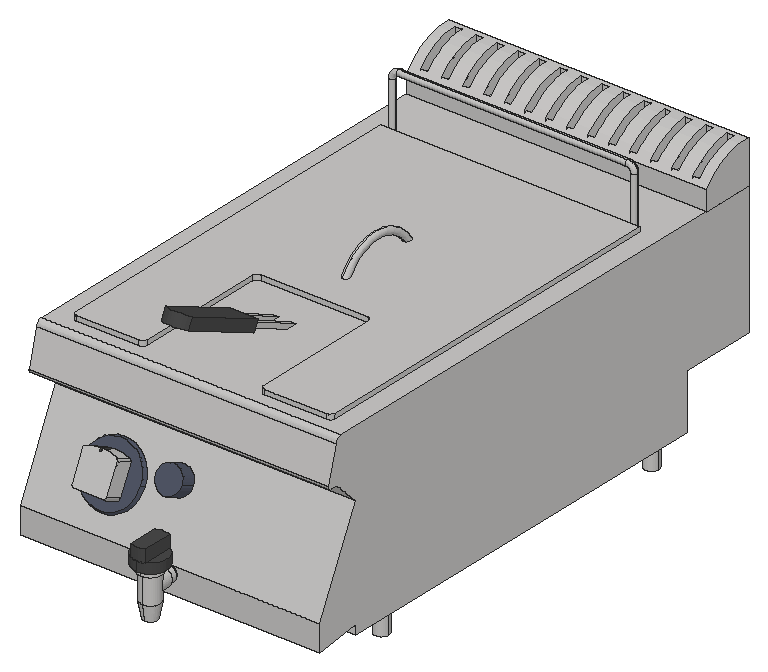
Revit family "QF_ZANUSSI_372066_Z7FRGD1B00", category Specialty Equipment, Revit 2018
Family settings
  Round Connector Dimension = Use Diameter
  Part Type = Normal
  Work Plane-Based = No
  Always vertical = Yes
  Cut with Voids When Loaded = No
  Shared = No
  Room Calculation Point = No
Parameters
  Width = 400 mm  # constant formula
  Weight in Pounds = 66  # constant formula
  Weight = 0.00 kg
  Watts = 0 W
  Volts = 0 V
  URL Manufacturer = "http://www.zanussiprofessional.com"
  URL Cutsheet = "www.electrolux.com/foodservice"
  URL = "http://www.zanussiprofessional.com"
  Type Mark [instance] = ""
  Steam Supply Size = 0"
  Steam Supply Minimum Pressure = 0.00 psi
  Steam Supply Maximum Pressure = 0.00 psi
  Steam Pounds per Hour = 0
  Status [instance] = ""
  Specification by User [instance] = ""
  Specification by Manufacturer = ""
  Show Logo [instance] = yes
  Show Clearance [instance] = yes
  Serial Number = ""
  Seismic Rating = ""
  SMACNA No = ""
  Revision Code [instance] = ""
  Refrigeration Suction Line Size = 0"
  Refrigeration Liquid Line Size = 0"
  Refrigerant Compressor Remote = yes
  Phase = 0
  Omniclass Number and Title = ""
  NAFEM Spec ID Number = ""
  Model = "Z7FRGD1B00"
  Mechanical Remarks [instance] = ""
  Mechanical Connection Type [instance] = ""
  Masterspec = ""
  Manufacturer = "Zanussi"
  Length Actual = 400 mm  # constant formula
  Item Number [instance] = "372066"
  Installed By [instance] = ""
  Identify Quantity as Lot [instance] = yes
  Hot Water Size = 0"
  Height Actual = 250 mm  # constant formula
  Height = 333 mm  # constant formula
  HP = "0 HP"
  Gas Size = 1/2"  # constant formula
  Gas RI Height [instance] = 0 mm
  Gas KW [instance] = 7  # constant formula
  Gas Input [instance] = 23863.0 Btu/h  # constant formula
  Gas Connection Height = 0 mm
  Furnished By [instance] = ""
  Foodservice Equipment Identifier [instance] = yes
  Direct Waste Size = 0"
  Description = "7 LITRE GAS FRYER TOP 400 MM"
  Depth Actual = 700 mm  # constant formula
  Depth = 715 mm  # constant formula
  Cycle = 0 Hz
  Condensate Return Size = 0"
  Compressed Air Volume = 0 GPM
  Compressed Air Size = 0"
  Compressed Air Pressure = 0.00 psi
  Cold Water Size = 0"
  CSI MasterFormat = ""
  CSI Master Format = ""
  Base Height [instance] = 25 mm  # constant formula
  Accessory = yes
Reference planes
  plane 1 "BACK": y = 0
  plane 2: z = 0
  plane 3 "LEFT": x = 0
  plane 4 "RIGHT": x = 400
  plane 5 "FRONT": y = -715
  plane 6 "TOP": z = 333
  plane 7 "Center Y": x = 200
  plane 8 "Center X": y = -357.5
  plane 9 "BASE": z = 25
  plane 10 "TOP A": z = 275
  plane 11: y = -597.884
  plane 12: y = -147.637
  plane 13: y = -700
  plane 14 "panel": through (-6096, -715, 65.146) normal (0, 0.8956, -0.4448)
Forms (mm)
  Extrusion 1, solid, material "QF_Finishes_Stainless Steel"
    sketch origin (0, 0, 0) x (0, 1, 0) y (0, 0, 1)
      loop
        line (0, 99) -> (0, 275.4) -> (-679.358, 275.4)
        arc (-679.358, 275.4) -> (-684.643, 273.211) -> (-686.833, 267.926) r 7.474
        line (-686.833, 267.926) -> (-699.884, 222.011)
        arc (-699.884, 222.011) -> (-699.396, 219.379) -> (-697, 218.184) r 3
        line (-697, 218.184) -> (-686.802, 218.184) -> (-654.982, 186.364) -> (-715, 65.508) -> (-715, 30.508) -> (-658.645, 38.428)
        arc (-658.645, 38.428) -> (-656.101, 37.674) -> (-655, 35.259) r 3.2
        line (-655, 35.259) -> (-655, 25) -> (-103, 25) -> (-103, 99) -> (0, 99)
    from 0 to 400
  Extrusion 2, solid, material "QF_Finishes_Stainless Steel"
    sketch origin (0, 0, 0) x (0, 1, 0) y (0, 0, 1)
      loop
        line (0, 275) -> (0, 333)
        arc (0, 333) -> (-38.715, 324.821) -> (-69.85, 300.4) r 87.358
        line (-69.85, 300.4) -> (-69.85, 275) -> (0, 275)
    from 0 to 400
  Extrusion 3, void
    sketch origin (0, 0, 275) x (-1, 0, 0) y (0, -1, 0)
      loop
        line (-33.338, 147.762) -> (-33.338, 651.138) -> (-366.662, 651.138) -> (-366.662, 147.762) -> (-33.338, 147.762)
    from 0 to -152.4
  Extrusion 4, solid, material "QF_Finishes_Stainless Steel"
    sketch origin (0, 0, 275) x (-1, 0, 0) y (0, -1, 0)
      loop
        arc (-26.988, 655.762) -> (-28.847, 660.252) -> (-33.338, 662.112) r 6.35
        line (-33.338, 662.112) -> (-115.863, 662.112)
        arc (-115.863, 662.112) -> (-120.353, 660.252) -> (-122.213, 655.762) r 6.35
        line (-122.213, 655.762) -> (-122.213, 481.137)
        arc (-122.213, 481.137) -> (-124.072, 476.646) -> (-128.563, 474.787) r 6.35
        line (-128.563, 474.787) -> (-271.412, 474.787)
        arc (-271.412, 474.787) -> (-275.903, 476.646) -> (-277.762, 481.137) r 6.35
        line (-277.762, 481.137) -> (-277.762, 655.762)
        arc (-277.762, 655.762) -> (-279.622, 660.252) -> (-284.112, 662.112) r 6.35
        line (-284.112, 662.112) -> (-366.662, 662.112)
        arc (-366.662, 662.112) -> (-371.153, 660.252) -> (-373.012, 655.762) r 6.35
        line (-373.012, 655.762) -> (-373.012, 147.762) -> (-26.988, 147.762) -> (-26.988, 655.762)
    from 0 to 6.35
  Sweep 5, solid, material "QF_Finishes_Stainless Steel"
    path origin (200, 0, 0) x (0, 1, 0) y (0, 0, 1)
      loop
        arc (-315.761, 275) -> (-370.2, 308.779) -> (-424.639, 275) r 60.757
    profile origin (200, -370.2, 308.779) x (0, 0, -1) y (1, 0, 0)
      loop
        circle (0, 0) r 4.353
  Sweep 6, solid, material "QF_Finishes_Stainless Steel"
    path origin (0, 0, 0) x (1, 0, 0) y (0, 0, 1)
      loop
        line (39.688, 274.263) -> (39.688, 339.35)
        arc (39.688, 339.35) -> (41.547, 343.84) -> (46.038, 345.7) r 6.35
        line (46.038, 345.7) -> (352.25, 345.7)
        arc (352.25, 345.7) -> (356.74, 343.84) -> (358.6, 339.35) r 6.35
        line (358.6, 339.35) -> (358.6, 274.263)
    profile origin (39.688, 0, 306.806) x (-1, 0, 0) y (0, -1, 0)
      loop
        circle (2.09, 140.754) r 3.827
  Extrusion 7, void
    sketch origin (0, 0, 275) x (-1, 0, 0) y (0, -1, 0)
      loop
        line (-13.453, 6.761) -> (-13.453, 63.911) -> (-22.749, 63.911) -> (-22.749, 6.761) -> (-13.453, 6.761)
    from 25.4 to 63.5
  Extrusion 8, void
    sketch origin (400.05, 0, 275) x (1, 0, 0) y (0, 1, 0)
      loop
        line (-13.503, -6.761) -> (-22.799, -6.761) -> (-22.799, -63.911) -> (-13.503, -63.911) -> (-13.503, -6.761)
    from 25.4 to 63.5
  Extrusion 9, void
    sketch origin (27.988, 0, 275) x (-1, 0, 0) y (0, -1, 0)
      loop
        line (-13.453, 6.761) -> (-13.453, 63.911) -> (-22.749, 63.911) -> (-22.749, 6.761) -> (-13.453, 6.761)
    from 25.4 to 63.5
  Extrusion 10, void
    sketch origin (55.977, 0, 275) x (-1, 0, 0) y (0, -1, 0)
      loop
        line (-13.453, 6.761) -> (-13.453, 63.911) -> (-22.749, 63.911) -> (-22.749, 6.761) -> (-13.453, 6.761)
    from 25.4 to 63.5
  Extrusion 11, void
    sketch origin (83.965, 0, 275) x (-1, 0, 0) y (0, -1, 0)
      loop
        line (-13.428, 6.761) -> (-13.428, 63.911) -> (-22.724, 63.911) -> (-22.724, 6.761) -> (-13.428, 6.761)
    from 25.4 to 63.5
  Extrusion 12, void
    sketch origin (111.953, 0, 275) x (-1, 0, 0) y (0, -1, 0)
      loop
        line (-13.428, 6.761) -> (-13.428, 63.911) -> (-22.724, 63.911) -> (-22.724, 6.761) -> (-13.428, 6.761)
    from 25.4 to 63.5
  Extrusion 13, void
    sketch origin (139.942, 0, 275) x (-1, 0, 0) y (0, -1, 0)
      loop
        line (-13.428, 6.761) -> (-13.428, 63.911) -> (-22.724, 63.911) -> (-22.724, 6.761) -> (-13.428, 6.761)
    from 25.4 to 63.5
  Extrusion 14, void
    sketch origin (167.93, 0, 275) x (-1, 0, 0) y (0, -1, 0)
      loop
        line (-13.428, 6.761) -> (-13.428, 63.911) -> (-22.724, 63.911) -> (-22.724, 6.761) -> (-13.428, 6.761)
    from 25.4 to 63.5
  Extrusion 15, void
    sketch origin (195.918, 0, 275) x (-1, 0, 0) y (0, -1, 0)
      loop
        line (-13.428, 6.761) -> (-13.428, 63.911) -> (-22.724, 63.911) -> (-22.724, 6.761) -> (-13.428, 6.761)
    from 25.4 to 63.5
  Extrusion 16, void
    sketch origin (223.907, 0, 275) x (-1, 0, 0) y (0, -1, 0)
      loop
        line (-13.428, 6.761) -> (-13.428, 63.911) -> (-22.724, 63.911) -> (-22.724, 6.761) -> (-13.428, 6.761)
    from 25.4 to 63.5
  Extrusion 17, void
    sketch origin (251.895, 0, 275) x (-1, 0, 0) y (0, -1, 0)
      loop
        line (-13.428, 6.761) -> (-13.428, 63.911) -> (-22.724, 63.911) -> (-22.724, 6.761) -> (-13.428, 6.761)
    from 25.4 to 63.5
  Extrusion 18, void
    sketch origin (279.884, 0, 275) x (-1, 0, 0) y (0, -1, 0)
      loop
        line (-13.403, 6.761) -> (-13.403, 63.911) -> (-22.699, 63.911) -> (-22.699, 6.761) -> (-13.403, 6.761)
    from 25.4 to 63.5
  Extrusion 19, void
    sketch origin (307.872, 0, 275) x (-1, 0, 0) y (0, -1, 0)
      loop
        line (-13.403, 6.761) -> (-13.403, 63.911) -> (-22.699, 63.911) -> (-22.699, 6.761) -> (-13.403, 6.761)
    from 25.4 to 63.5
  Extrusion 20, void
    sketch origin (335.86, 0, 275) x (-1, 0, 0) y (0, -1, 0)
      loop
        line (-13.403, 6.761) -> (-13.403, 63.911) -> (-22.699, 63.911) -> (-22.699, 6.761) -> (-13.403, 6.761)
    from 25.4 to 63.5
  Extrusion 21, solid, material "QF_Finishes_Stainless Steel"
    sketch origin (0, 0, 0) x (1, 0, 0) y (0, 1, 0)
      loop
        circle (11.112, -147.638) r 9.525
      loop
        circle (11.112, -597.884) r 9.525
      loop
        circle (388.887, -147.638) r 9.525
      loop
        circle (388.887, -597.884) r 9.525
    from 0 to 25
  Revolve 22, solid, material "QF_Finishes_Stainless Steel"
    sketch origin (200.025, 0, 0) x (0, 1, 0) y (0, 0, 1)
      loop
        line (-747.926, 16.877) -> (-738.917, 16.877) -> (-735.301, 37.388) -> (-735.301, 73.729) -> (-732.023, 73.729) -> (-732.023, 81.608) -> (-725.673, 81.608) -> (-725.673, 94.308) -> (-747.926, 94.308) -> (-747.926, 16.877)
      axis (-747.926, 16.877) -> (-747.926, 94.308)
    angle from 0 to 360
  Revolve 23, solid, material "QF_Finishes_Stainless Steel"
    sketch origin (200.025, 0, 0) x (0, 1, 0) y (0, 0, 1)
      loop
        line (-698.522, 56.75) -> (-749.322, 56.75) -> (-749.322, 44.447) -> (-727.357, 44.447) -> (-727.357, 46.149) -> (-718.364, 46.149) -> (-718.364, 48.196) -> (-698.522, 48.196) -> (-698.522, 56.75)
      axis (-749.322, 56.75) -> (-698.522, 56.75)
    angle from 0 to 360
  Extrusion 24, solid, material "QF_Finishes_Black"
    sketch origin (200.025, -747.926, 94.308) x (0, 1, 0) y (-1, 0, 0)
      loop
        line (20.063, 9.626) -> (-20.063, 9.626)
        arc (-20.063, 9.626) -> (-22.253, 0) -> (-20.063, -9.626) r 22.253
        line (-20.063, -9.626) -> (20.063, -9.626)
        arc (20.063, -9.626) -> (22.253, 0) -> (20.063, 9.626) r 22.253
    from 0 to 16.412
  Extrusion 25, solid, material "QF_Finishes_Stainless Steel"
    sketch origin (0, -101.6, 103.188) x (0, 0, -1) y (-1, 0, 0)
      loop
        circle (44.282, -336.5) r 6.35
    from -1.4 to 12.7
  Extrusion 26, solid, material "QF_Finishes_Clearance", visible <- "Show Clearance", detail levels coarse
    sketch origin (0, 0, 0) x (1, 0, 0) y (0, 1, 0)
      loop
        line (0, -715) -> (0, 0) -> (400, 0) -> (400, -715) -> (550.019, -715) -> (550.019, 150.019) -> (-150.019, 150.019) -> (-150.019, -715) -> (0, -715)
    from 0 to 333
  Extrusion 27, solid, material "QF_Finishes_Black"
    sketch origin (265.962, -708.83, 366.66) x (0, 0.906308, -0.422618) y (-1, 0, 0)
      loop
        line (10.103, 47.345) -> (128.716, 47.345) -> (128.716, 84.58) -> (10.103, 84.58)
        arc (10.103, 84.58) -> (-0.124, 65.962) -> (10.103, 47.345) r 22.059
    from -15.884 to 0
  Extrusion 28, solid, material "QF_Finishes_Stainless Steel"
    sketch origin (265.962, 41.275, 0) x (0, 1, 0) y (0, 0, 1)
      loop
        line (-547.91, 166) -> (-547.91, 267.478) -> (-635.463, 308.305) -> (-638.147, 302.55) -> (-554.26, 263.433) -> (-554.26, 166) -> (-547.91, 166)
    from -80.476 to -74.619
  Extrusion 29, solid, material "QF_Finishes_Stainless Steel"
    sketch origin (134.088, 41.275, 0) x (0, 1, 0) y (0, 0, -1)
      loop
        line (-554.26, -263.433) -> (-638.147, -302.55) -> (-635.463, -308.305) -> (-547.91, -267.478) -> (-547.91, -166) -> (-554.26, -166) -> (-554.26, -263.433)
    from -80.476 to -74.619
  Extrusion 30, solid, material "QF_Finishes_Mesh"
    sketch origin (0, 0, 274.638) x (-1, 0, 0) y (0, -1, 0)
      loop
        arc (-116.6, 189.135) -> (-98.64, 196.575) -> (-91.2, 214.535) r 25.4
        line (-91.2, 214.535) -> (-91.2, 473.61)
        arc (-91.2, 473.61) -> (-98.64, 491.571) -> (-116.6, 499.01) r 25.4
        line (-116.6, 499.01) -> (-294.375, 499.01)
        arc (-294.375, 499.01) -> (-312.336, 491.571) -> (-319.775, 473.61) r 25.4
        line (-319.775, 473.61) -> (-319.775, 214.535)
        arc (-319.775, 214.535) -> (-312.336, 196.575) -> (-294.375, 189.135) r 25.4
        line (-294.375, 189.135) -> (-116.6, 189.135)
      loop
        arc (-116.6, 192.31) -> (-100.885, 198.82) -> (-94.375, 214.535) r 22.225
        line (-94.375, 214.535) -> (-94.375, 473.61)
        arc (-94.375, 473.61) -> (-100.885, 489.326) -> (-116.6, 495.835) r 22.225
        line (-116.6, 495.835) -> (-294.375, 495.835)
        arc (-294.375, 495.835) -> (-310.091, 489.326) -> (-316.6, 473.61) r 22.225
        line (-316.6, 473.61) -> (-316.6, 214.535)
        arc (-316.6, 214.535) -> (-310.091, 198.82) -> (-294.375, 192.31) r 22.225
        line (-294.375, 192.31) -> (-116.6, 192.31)
    from -109 to -5.315
  Blend 31, solid, material "QF_Finishes_Navy Blue"
    base sketch origin (100, -684.991, 125.574) x (1, 0, 0) y (0, 0.444781, 0.895639)
      loop
        circle (0, 0) r 42.5
    top sketch origin (100, -684.991, 125.574) x (1, 0, 0) y (0, 0.444781, 0.895639)
      loop
        circle (0, 0) r 40.5
    from 0 to 5
  Extrusion 32, solid, material "QF_Finishes_Stainless Steel"
    sketch origin (100, -684.991, 125.574) x (1, 0, 0) y (0, 0.444781, 0.895639)
      loop
        arc (-21.147, 22.789) -> (-22.494, 21.685) -> (-23, 20.019) r 2.997
        line (-23, 20.019) -> (-23, -20.019)
        arc (-23, -20.019) -> (-22.122, -22.138) -> (-20.003, -23.016) r 2.997
        line (-20.003, -23.016) -> (20.003, -23.016)
        arc (20.003, -23.016) -> (22.122, -22.138) -> (23, -20.019) r 2.997
        line (23, -20.019) -> (23, 20.019)
        arc (23, 20.019) -> (22.494, 21.685) -> (21.147, 22.789) r 2.997
        arc (21.147, 22.789) -> (0, 26.984) -> (-21.147, 22.789) r 55.4
    from 10 to 34
  Extrusion 33, solid, material "QF_Finishes_Stainless Steel"
    sketch origin (100, -684.991, 125.574) x (1, 0, 0) y (0, 0.444781, 0.895639)
      loop
        line (17.5, 17.5) -> (-17.5, 17.5) -> (-17.5, -17.5) -> (17.5, -17.5) -> (17.5, 17.5)
    from 5 to 10
  Extrusion 34, solid, material "QF_Plastic-Black-Matte"
    sketch origin (42.5, -684.991, 125.574) x (0, 0.444781, 0.895639) y (0, 0.895639, -0.444781)
      loop
        line (26.984, -34) -> (23.984, -34) -> (23.984, -35) -> (26.984, -35)
        arc (26.984, -35) -> (27.691, -34.707) -> (27.984, -34) r 1
        line (27.984, -34) -> (27.984, -19) -> (26.984, -19) -> (26.984, -34)
    from -58.5 to -56.5
  Extrusion 35, solid, material "QF_Finishes_Navy Blue"
    sketch origin (239.001, -676.095, 143.486) x (1, 0, 0) y (0, 0.444781, 0.895639)
      loop
        circle (-55.001, 0) r 18
    from 3 to 23
  Extrusion 36, solid, material "QF_Finishes_Stainless Steel"
    sketch origin (100, -676.095, 143.486) x (1, 0, 0) y (0, 0.444781, 0.895639)
      loop
        circle (84, 0) r 15
    from 3 to 0
Cuts and joins
  Extrusion 3, Extrusion 7 cuts Extrusion 1
  joined: Extrusion 4, Sweep 5
  Extrusion 7, Extrusion 8, Extrusion 9, Extrusion 10, Extrusion 11, Extrusion 12, Extrusion 13, Extrusion 14, Extrusion 15, Extrusion 16, Extrusion 17, Extrusion 18, Extrusion 19, Extrusion 20 cuts Extrusion 2
Lines and regions (mm)
  Split face 1
    outline origin (100, -689.469, 127.797) x (1, 0, 0) y (0, 0.444781, 0.895639)
      loop
        circle (-30.633, -14.752) r 1.5
  Split face 2
    outline origin (100, -689.469, 127.797) x (1, 0, 0) y (0, 0.444781, 0.895639)
      loop
        circle (-21.199, -26.582) r 1.5
  Split face 3
    outline origin (100, -689.469, 127.797) x (1, 0, 0) y (0, 0.444781, 0.895639)
      loop
        circle (-7.566, -33.148) r 1.5
  Split face 4
    outline origin (100, -689.469, 127.797) x (1, 0, 0) y (0, 0.444781, 0.895639)
      loop
        circle (7.566, -33.148) r 1.5
  Split face 5
    outline origin (100, -689.469, 127.797) x (1, 0, 0) y (0, 0.444781, 0.895639)
      loop
        circle (21.199, -26.582) r 1.5
  Split face 6
    outline origin (100, -689.469, 127.797) x (1, 0, 0) y (0, 0.444781, 0.895639)
      loop
        circle (30.633, -14.752) r 1.5
  Split face 7
    outline origin (100, -689.469, 127.797) x (1, 0, 0) y (0, 0.444781, 0.895639)
      loop
        circle (34, 0) r 1.5
  Split face 8
    outline origin (100, -689.469, 127.797) x (1, 0, 0) y (0, 0.444781, 0.895639)
      loop
        circle (-21.199, 26.582) r 2.5
  Split face 9
    outline origin (100, -689.469, 127.797) x (1, 0, 0) y (0, 0.444781, 0.895639)
      loop
        circle (0, 35.811) r 2.031
  Split face 10
    outline origin (100, -689.469, 127.797) x (1, 0, 0) y (0, -0.444781, -0.895639)
      loop
        circle (30.633, -14.752) r 1.5
  Split face 11
    outline origin (100, -689.469, 127.797) x (1, 0, 0) y (0, -0.444781, -0.895639)
      loop
        circle (21.199, -26.582) r 1.5
  symbolic lines, style "QF-Clearances", visible <- "Show Clearance", detail levels coarse
    curve 1: line (-150.019, 150.019, 275) -> (-150.019, -716.377, 275)
    curve 2: line (550.019, 150.019, 275) -> (-150.019, 150.019, 275)
    curve 3: line (550.019, -716.377, 275) -> (550.019, 150.019, 275)
  symbolic lines
    curve 4: line (0, 0, 275) -> (400, 0, 275)
    curve 5: line (0, -715, 275) -> (0, 0, 275)
    curve 6: line (400, 0, 275) -> (400, -715, 275)
    curve 7: line (22.724, -6.761, 275) -> (22.724, -63.911, 275)
    curve 8: line (22.724, -63.911, 275) -> (13.428, -63.911, 275)
    curve 9: line (13.428, -63.911, 275) -> (13.428, -6.761, 275)
    curve 10: line (13.428, -6.761, 275) -> (22.724, -6.761, 275)
    curve 11: line (386.547, -6.761, 275) -> (386.547, -63.911, 275)
    curve 12: line (386.547, -63.911, 275) -> (377.251, -63.911, 275)
    curve 13: line (377.251, -63.911, 275) -> (377.251, -6.761, 275)
    curve 14: line (377.251, -6.761, 275) -> (386.547, -6.761, 275)
    curve 15: line (50.712, -6.761, 275) -> (50.712, -63.911, 275)
    curve 16: line (50.712, -63.911, 275) -> (41.416, -63.911, 275)
    curve 17: line (41.416, -63.911, 275) -> (41.416, -6.761, 275)
    curve 18: line (41.416, -6.761, 275) -> (50.712, -6.761, 275)
    curve 19: line (78.7, -6.761, 275) -> (78.7, -63.911, 275)
    curve 20: line (78.7, -63.911, 275) -> (69.405, -63.911, 275)
    curve 21: line (69.405, -63.911, 275) -> (69.405, -6.761, 275)
    curve 22: line (69.405, -6.761, 275) -> (78.7, -6.761, 275)
    curve 23: line (106.689, -6.761, 275) -> (106.689, -63.911, 275)
    curve 24: line (106.689, -63.911, 275) -> (97.393, -63.911, 275)
    curve 25: line (97.393, -63.911, 275) -> (97.393, -6.761, 275)
    curve 26: line (97.393, -6.761, 275) -> (106.689, -6.761, 275)
    curve 27: line (134.677, -6.761, 275) -> (134.677, -63.911, 275)
    curve 28: line (134.677, -63.911, 275) -> (125.381, -63.911, 275)
    curve 29: line (125.381, -63.911, 275) -> (125.381, -6.761, 275)
    curve 30: line (125.381, -6.761, 275) -> (134.677, -6.761, 275)
    curve 31: line (162.665, -6.761, 275) -> (162.665, -63.911, 275)
    curve 32: line (162.665, -63.911, 275) -> (153.37, -63.911, 275)
    curve 33: line (153.37, -63.911, 275) -> (153.37, -6.761, 275)
    curve 34: line (153.37, -6.761, 275) -> (162.665, -6.761, 275)
    curve 35: line (190.654, -6.761, 275) -> (190.654, -63.911, 275)
    curve 36: line (190.654, -63.911, 275) -> (181.358, -63.911, 275)
    curve 37: line (181.358, -63.911, 275) -> (181.358, -6.761, 275)
    curve 38: line (181.358, -6.761, 275) -> (190.654, -6.761, 275)
    curve 39: line (218.642, -6.761, 275) -> (218.642, -63.911, 275)
    curve 40: line (218.642, -63.911, 275) -> (209.346, -63.911, 275)
    curve 41: line (209.346, -63.911, 275) -> (209.346, -6.761, 275)
    curve 42: line (209.346, -6.761, 275) -> (218.642, -6.761, 275)
    curve 43: line (246.605, -6.761, 275) -> (246.605, -63.911, 275)
    curve 44: line (246.605, -63.911, 275) -> (237.31, -63.911, 275)
    curve 45: line (237.31, -63.911, 275) -> (237.31, -6.761, 275)
    curve 46: line (237.31, -6.761, 275) -> (246.605, -6.761, 275)
    curve 47: line (274.594, -6.761, 275) -> (274.594, -63.911, 275)
    curve 48: line (274.594, -63.911, 275) -> (265.298, -63.911, 275)
    curve 49: line (265.298, -63.911, 275) -> (265.298, -6.761, 275)
    curve 50: line (265.298, -6.761, 275) -> (274.594, -6.761, 275)
    curve 51: line (302.582, -6.761, 275) -> (302.582, -63.911, 275)
    curve 52: line (302.582, -63.911, 275) -> (293.286, -63.911, 275)
    curve 53: line (293.286, -63.911, 275) -> (293.286, -6.761, 275)
    curve 54: line (293.286, -6.761, 275) -> (302.582, -6.761, 275)
    curve 55: line (330.57, -6.761, 275) -> (330.57, -63.911, 275)
    curve 56: line (330.57, -63.911, 275) -> (321.275, -63.911, 275)
    curve 57: line (321.275, -63.911, 275) -> (321.275, -6.761, 275)
    curve 58: line (321.275, -6.761, 275) -> (330.57, -6.761, 275)
    curve 59: line (358.559, -6.761, 275) -> (358.559, -63.911, 275)
    curve 60: line (358.559, -63.911, 275) -> (349.263, -63.911, 275)
    curve 61: line (349.263, -63.911, 275) -> (349.263, -6.761, 275)
    curve 62: line (349.263, -6.761, 275) -> (358.559, -6.761, 275)
    curve 63: line (26.988, -147.762, 275) -> (26.988, -655.762, 275)
    curve 64: arc (26.988, -655.762, 275) -> (28.847, -660.252, 275) -> (33.338, -662.112, 275) r 6.35
    curve 65: line (33.338, -662.112, 275) -> (115.863, -662.112, 275)
    curve 66: arc (115.863, -662.112, 275) -> (120.353, -660.252, 275) -> (122.213, -655.762, 275) r 6.35
    curve 67: line (122.213, -655.762, 275) -> (122.213, -481.137, 275)
    curve 68: arc (122.213, -481.137, 275) -> (124.072, -476.646, 275) -> (128.563, -474.787, 275) r 6.35
    curve 69: line (128.563, -474.787, 275) -> (271.412, -474.787, 275)
    curve 70: arc (271.412, -474.787, 275) -> (275.903, -476.646, 275) -> (277.762, -481.137, 275) r 6.35
    curve 71: line (277.762, -481.137, 275) -> (277.762, -655.762, 275)
    curve 72: arc (277.762, -655.762, 275) -> (279.622, -660.252, 275) -> (284.112, -662.112, 275) r 6.35
    curve 73: line (284.112, -662.112, 275) -> (366.662, -662.112, 275)
    curve 74: arc (366.662, -662.112, 275) -> (371.153, -660.252, 275) -> (373.012, -655.762, 275) r 6.35
    curve 75: line (373.012, -655.762, 275) -> (373.012, -147.762, 275)
    curve 76: line (373.012, -147.762, 275) -> (26.988, -147.762, 275)
    curve 77: line (31.725, -69.85, 275) -> (0, -69.85, 275)
    curve 78: line (0, -69.85, 275) -> (0, -120.65, 275)
    curve 79: line (0, -69.85, 275) -> (400, -69.85, 275)
    curve 80: line (201.587, -147.762, 275) -> (366.662, -147.762, 275)
    curve 81: line (33.338, -147.762, 275) -> (198.412, -147.762, 275)
    curve 82: line (218.617, -706.386, 275) -> (218.617, -592.174, 275)
    curve 83: line (181.383, -592.174, 275) -> (181.383, -706.386, 275)
    curve 84: line (218.617, -592.174, 275) -> (181.383, -592.174, 275)
    curve 85: spline (218.617, -706.386, 275) -> (216.385, -709.048, 275) -> (213.694, -711.336, 275) -> (210.621, -713.185, 275) -> (207.25, -714.544, 275) -> (203.676, -715.375, 275) -> (200, -715.655, 275) -> (196.324, -715.375, 275) -> (192.75, -714.544, 275) -> (189.379, -713.185, 275) -> (186.306, -711.336, 275) -> (183.615, -709.048, 275) -> (181.383, -706.386, 275)
    curve 86: line (218.617, -651.138, 275) -> (277.762, -651.138, 275)
    curve 87: line (181.383, -651.138, 275) -> (122.213, -651.138, 275)
    curve 88: line (191.318, -499.01, 275) -> (191.318, -592.174, 275)
    curve 89: line (185.462, -592.174, 275) -> (185.462, -499.01, 275)
    curve 90: line (214.538, -499.01, 275) -> (214.538, -592.174, 275)
    curve 91: line (208.682, -592.174, 275) -> (208.682, -499.01, 275)
    curve 92: spline (181.383, -699.673, 275) -> (183.615, -702.336, 275) -> (186.306, -704.623, 275) -> (189.379, -706.473, 275) -> (192.75, -707.832, 275) -> (196.324, -708.663, 275) -> (200, -708.942, 275) -> (203.676, -708.663, 275) -> (207.25, -707.832, 275) -> (210.621, -706.473, 275) -> (213.694, -704.623, 275) -> (216.385, -702.336, 275) -> (218.617, -699.673, 275)
    curve 93: line (195.545, -420.932, 275) -> (195.545, -319.469, 275)
    curve 94: line (204.443, -319.469, 275) -> (204.443, -420.932, 275)
    curve 95: arc (195.545, -420.932, 275) -> (199.994, -425.382, 275) -> (204.443, -420.932, 275) r 4.449
    curve 96: arc (195.545, -319.469, 275) -> (199.994, -315.02, 275) -> (204.443, -319.469, 275) r 4.449
    curve 97: line (37.598, -136.927, 275) -> (362.402, -136.927, 275)
    curve 98: line (37.598, -144.582, 275) -> (37.598, -136.927, 275)
    curve 99: line (362.402, -144.582, 275) -> (37.598, -144.582, 275)
    curve 100: line (362.402, -136.927, 275) -> (362.402, -144.582, 275)
    curve 101: line (122.213, -499.01, 275) -> (277.762, -499.01, 275)
    curve 102: line (122.213, -495.835, 275) -> (277.762, -495.835, 275)
    curve 103: arc (200, -770.179, 275) -> (222.253, -747.926, 275) -> (200, -725.673, 275) r 22.253
    curve 104: arc (200, -725.673, 275) -> (177.747, -747.926, 275) -> (200, -770.179, 275) r 22.253
    curve 105: line (190.374, -727.863, 275) -> (190.374, -767.989, 275)
    curve 106: line (209.626, -767.989, 275) -> (209.626, -727.863, 275)
    curve 107: line (210.947, -728.552, 275) -> (210.947, -715, 275)
    curve 108: line (189.208, -728.465, 275) -> (189.208, -715, 275)
    curve 109: line (0, -700, 0) -> (181.383, -700, 0)
    curve 110: line (77, -700, 0) -> (77, -724.347, 0)
    curve 111: arc (77, -724.347, 0) -> (77.146, -724.811, 0) -> (77.532, -725.107, 0) r 0.809
    curve 112: arc (77.532, -725.107, 0) -> (78.72, -725.587, 0) -> (79.997, -725.68, 0) r 4.127
    curve 113: arc (77, -704.292, 0) -> (71.959, -702.458, 0) -> (67.191, -700, 0) r 42.24
    curve 114: arc (77, -706.539, 0) -> (77.502, -705.818, 0) -> (78.299, -705.448, 0) r 1.682
    curve 115: arc (78.299, -705.448, 0) -> (88.602, -703.95, 0) -> (99, -703.441, 0) r 109.079
    curve 116: line (99, -700, 0) -> (99, -705.671, 0)
    curve 117: line (99, -705.671, 0) -> (101, -705.671, 0)
    curve 118: line (101, -705.671, 0) -> (101, -700, 0)
    curve 119: line (123, -700, 0) -> (123, -724.347, 0)
    curve 120: arc (123, -724.347, 0) -> (122.854, -724.811, 0) -> (122.468, -725.107, 0) r 0.809
    curve 121: arc (122.468, -725.107, 0) -> (121.28, -725.587, 0) -> (120.003, -725.68, 0) r 4.127
    curve 122: arc (123, -704.292, 0) -> (128.041, -702.458, 0) -> (132.809, -700, 0) r 42.24
    curve 123: arc (123, -706.539, 0) -> (122.498, -705.818, 0) -> (121.701, -705.448, 0) r 1.682
    curve 124: arc (121.701, -705.448, 0) -> (111.398, -703.95, 0) -> (101, -703.441, 0) r 109.079
    curve 125: line (79.997, -725.68, 0) -> (120.003, -725.68, 0)
    curve 126: line (123, -715, 0) -> (194.275, -715, 0)
    curve 127: line (0, -715, 0) -> (77, -715, 0)
    curve 128: line (205.6, -715, 275) -> (400, -715, 275)
    curve 129: spline (167.605, -700, 275) -> (168.28, -700.595, 275) -> (169.064, -701.163, 275) -> (169.951, -701.7, 275) -> (170.936, -702.203, 275) -> (172.011, -702.667, 275) -> (173.17, -703.09, 275) -> (174.403, -703.468, 275) -> (175.703, -703.8, 275) -> (177.061, -704.082, 275) -> (178.466, -704.313, 275) -> (179.91, -704.492, 275) -> (181.383, -704.616, 275)
    curve 130: line (218.617, -700, 0) -> (400.05, -700, 0)
Dimensions and locks
  equal spacing: plane 3 "LEFT", plane 7 "Center Y", plane 4 "RIGHT"
  "Width": plane 3 "LEFT" to plane 4 "RIGHT"
  equal spacing: plane 5 "FRONT", plane 8 "Center X", plane 1 "BACK"
  "Depth": plane 5 "FRONT" to plane 1 "BACK"
  "Height": plane 6 "TOP" to level
  "Base Height": plane 9 "BASE" to level
  plane 1 "BACK" to plane 5 "FRONT" = 715 mm
  plane 10 "TOP A" to plane 9 "BASE" = 250 mm
  plane 1 "BACK" to plane 13 = 700 mm
  aligned and locked: level to plane 2
  aligned and locked: plane 4 "RIGHT" to Extrusion 1
  aligned and locked: plane 4 "RIGHT" to Extrusion 2
  aligned and locked: plane 6 "TOP" to Extrusion 26
Automatic sketch dimensions
  Sweep 5 sketch curve to plane 10 "TOP A" = 0 mm  (x2)
  Sweep 5 sketch curve to plane 8 "Center X" = 67.139 mm
  Sweep 5 sketch curve to plane 8 "Center X" = 12.7 mm
  Sweep 5 sketch curve to plane 10 "TOP A" = 26.978 mm
  Sweep 5 sketch curve to plane 7 "Center Y" = 0 mm
  Sweep 5 sketch curve to profile plane = 0 mm
  plane 1 "BACK" to Extrusion 7 sketch curve = 6.761 mm
  plane 3 "LEFT" to Extrusion 7 sketch curve = 22.749 mm
  Extrusion 7 sketch curve to Extrusion 7 sketch curve = 9.296 mm
  Extrusion 7 sketch curve to Extrusion 7 sketch curve = 57.15 mm
  plane 1 "BACK" to Extrusion 9 sketch curve = 6.761 mm
  plane 3 "LEFT" to Extrusion 9 sketch curve = 50.737 mm
  Extrusion 9 sketch curve to Extrusion 9 sketch curve = 9.296 mm
  Extrusion 9 sketch curve to Extrusion 9 sketch curve = 57.15 mm
  plane 1 "BACK" to Extrusion 10 sketch curve = 6.761 mm
  plane 3 "LEFT" to Extrusion 10 sketch curve = 78.725 mm
  Extrusion 10 sketch curve to Extrusion 10 sketch curve = 9.296 mm
  Extrusion 10 sketch curve to Extrusion 10 sketch curve = 57.15 mm
  plane 1 "BACK" to Extrusion 11 sketch curve = 6.761 mm
  Extrusion 11 sketch curve to plane 7 "Center Y" = 93.311 mm
  Extrusion 11 sketch curve to Extrusion 11 sketch curve = 9.296 mm
  Extrusion 11 sketch curve to Extrusion 11 sketch curve = 57.15 mm
  plane 1 "BACK" to Extrusion 12 sketch curve = 6.761 mm
  Extrusion 12 sketch curve to plane 7 "Center Y" = 65.323 mm
  Extrusion 12 sketch curve to Extrusion 12 sketch curve = 9.296 mm
  Extrusion 12 sketch curve to Extrusion 12 sketch curve = 57.15 mm
  plane 1 "BACK" to Extrusion 13 sketch curve = 6.761 mm
  Extrusion 13 sketch curve to plane 7 "Center Y" = 37.335 mm
  Extrusion 13 sketch curve to Extrusion 13 sketch curve = 9.296 mm
  Extrusion 13 sketch curve to Extrusion 13 sketch curve = 57.15 mm
  Extrusion 14 sketch curve to plane 7 "Center Y" = 9.346 mm
  Extrusion 14 sketch curve to Extrusion 14 sketch curve = 9.296 mm
  plane 1 "BACK" to Extrusion 14 sketch curve = 6.761 mm
  Extrusion 14 sketch curve to Extrusion 14 sketch curve = 57.15 mm
  plane 1 "BACK" to Extrusion 15 sketch curve = 6.761 mm
  plane 7 "Center Y" to Extrusion 15 sketch curve = 18.642 mm
  Extrusion 15 sketch curve to Extrusion 15 sketch curve = 9.296 mm
  Extrusion 15 sketch curve to Extrusion 15 sketch curve = 57.15 mm
  plane 1 "BACK" to Extrusion 16 sketch curve = 6.761 mm
  plane 7 "Center Y" to Extrusion 16 sketch curve = 46.63 mm
  Extrusion 16 sketch curve to Extrusion 16 sketch curve = 9.296 mm
  Extrusion 16 sketch curve to Extrusion 16 sketch curve = 57.15 mm
  plane 1 "BACK" to Extrusion 17 sketch curve = 6.761 mm
  plane 7 "Center Y" to Extrusion 17 sketch curve = 74.619 mm
  Extrusion 17 sketch curve to Extrusion 17 sketch curve = 9.296 mm
  Extrusion 17 sketch curve to Extrusion 17 sketch curve = 57.15 mm
  Extrusion 2 sketch curve to plane 10 "TOP A" = 0 mm
  Extrusion 2 sketch curve to plane 1 "BACK" = 0 mm
  Extrusion 2 sketch curve to plane 6 "TOP" = 0 mm
  plane 1 "BACK" to Extrusion 2 sketch curve = 1.769 mm
  plane 10 "TOP A" to Extrusion 2 sketch curve = 25.4 mm
  plane 1 "BACK" to Extrusion 2 sketch curve = 69.85 mm
  plane 12 to Extrusion 3 sketch curve = 0.124 mm
  Extrusion 3 sketch curve to plane 4 "RIGHT" = 33.338 mm
  plane 3 "LEFT" to Extrusion 3 sketch curve = 33.338 mm
  plane 11 to Extrusion 3 sketch curve = 53.254 mm
  plane 12 to Extrusion 4 sketch curve = 0.124 mm
  Extrusion 4 sketch curve to plane 4 "RIGHT" = 26.988 mm
  Extrusion 4 sketch curve to Extrusion 4 sketch curve = 6.35 mm  (x6)
  Extrusion 4 sketch curve to Extrusion 4 sketch curve = 82.55 mm
  Extrusion 4 sketch curve to plane 11 = 116.748 mm
  Extrusion 4 sketch curve to plane 7 "Center Y" = 71.437 mm
  Extrusion 4 sketch curve to Extrusion 4 sketch curve = 174.625 mm
  Sweep 6 sketch curve to plane 6 "TOP" = 58.737 mm  (x2)
  plane 6 "TOP" to Sweep 6 sketch curve = 6.35 mm  (x2)
  plane 3 "LEFT" to Sweep 6 sketch curve = 39.688 mm
  Sweep 6 sketch curve to Sweep 6 sketch curve = 6.35 mm
  plane 7 "Center Y" to Sweep 6 sketch curve = 152.25 mm
  Sweep 6 sketch curve to profile plane = 2.09 mm
  plane 1 "BACK" to Sweep 6 sketch curve = 140.754 mm
  Extrusion 8 sketch curve to plane 1 "BACK" = 6.761 mm
  plane 4 "RIGHT" to Extrusion 8 sketch curve = 22.749 mm
  Extrusion 8 sketch curve to Extrusion 8 sketch curve = 9.296 mm
  Extrusion 8 sketch curve to Extrusion 8 sketch curve = 57.15 mm
  plane 1 "BACK" to Extrusion 18 sketch curve = 6.761 mm
  Extrusion 18 sketch curve to plane 4 "RIGHT" = 97.418 mm
  Extrusion 18 sketch curve to Extrusion 18 sketch curve = 9.296 mm
  Extrusion 18 sketch curve to Extrusion 18 sketch curve = 57.15 mm
  plane 1 "BACK" to Extrusion 19 sketch curve = 6.761 mm
  Extrusion 19 sketch curve to plane 4 "RIGHT" = 69.43 mm
  Extrusion 19 sketch curve to Extrusion 19 sketch curve = 9.296 mm
  Extrusion 19 sketch curve to Extrusion 19 sketch curve = 57.15 mm
  plane 1 "BACK" to Extrusion 20 sketch curve = 6.761 mm
  Extrusion 20 sketch curve to plane 4 "RIGHT" = 41.441 mm
  Extrusion 20 sketch curve to Extrusion 20 sketch curve = 9.296 mm
  Extrusion 20 sketch curve to Extrusion 20 sketch curve = 57.15 mm
  plane 11 to Extrusion 21 sketch curve = 0 mm  (x2)
  plane 12 to Extrusion 21 sketch curve = 0 mm  (x2)
  plane 3 "LEFT" to Extrusion 21 sketch curve = 11.112 mm  (x2)
  Extrusion 21 sketch curve to plane 4 "RIGHT" = 11.113 mm  (x2)
  Revolve 22 sketch curve to plane 9 "BASE" = 8.123 mm
  plane 5 "FRONT" to Revolve 22 sketch curve = 32.926 mm
  Revolve 22 sketch curve to Revolve 22 sketch curve = 0 mm
  Revolve 22 sketch curve to Revolve 22 sketch curve = 9.009 mm
  plane 5 "FRONT" to Revolve 22 sketch curve = 20.301 mm
  Revolve 22 sketch curve to Revolve 22 sketch curve = 3.277 mm
  Revolve 22 sketch curve to Revolve 22 sketch curve = 6.35 mm
  plane 9 "BASE" to Revolve 22 sketch curve = 12.388 mm
  Revolve 22 sketch curve to Revolve 22 sketch curve = 36.341 mm
  Revolve 22 sketch curve to Revolve 22 sketch curve = 7.879 mm
  Revolve 22 sketch curve to Revolve 22 sketch curve = 12.7 mm  (x2)
  Revolve 22 sketch curve to Revolve 22 sketch curve = 15.064 mm
  plane 5 "FRONT" to Revolve 23 sketch curve = 34.322 mm
  plane 5 "FRONT" to Revolve 23 sketch curve = 12.357 mm
  plane 5 "FRONT" to Revolve 23 sketch curve = 3.364 mm
  Revolve 23 sketch curve to plane 5 "FRONT" = 16.478 mm
  Revolve 23 sketch curve to Revolve 23 sketch curve = 0 mm  (x2)
  Revolve 23 sketch curve to Revolve 23 sketch curve = 9.137 mm
  plane 9 "BASE" to Revolve 23 sketch curve = 19.447 mm
  Revolve 23 sketch curve to Revolve 23 sketch curve = 1.702 mm
  Revolve 23 sketch curve to Revolve 23 sketch curve = 2.047 mm
  Revolve 23 sketch curve to Revolve 23 sketch curve = 12.303 mm
  Revolve 22 to Extrusion 24 sketch curve = 9.626 mm
  Extrusion 24 sketch curve to Revolve 22 = 9.626 mm
  Extrusion 24 sketch curve to Extrusion 24 sketch curve = 0 mm
  plane 1 "BACK" to Extrusion 26 sketch curve = 0 mm
  Extrusion 26 sketch curve to plane 3 "LEFT" = 0 mm
  Extrusion 26 sketch curve to plane 4 "RIGHT" = 0 mm
  Extrusion 26 sketch curve to plane 3 "LEFT" = 150.019 mm
  plane 5 "FRONT" to Extrusion 26 sketch curve = 0 mm  (x2)
  plane 4 "RIGHT" to Extrusion 26 sketch curve = 150.019 mm
  Extrusion 26 sketch curve to plane 1 "BACK" = 150.019 mm
  plane 3 "LEFT" to Extrusion 4 sketch curve = 33.338 mm
  plane 11 to Extrusion 4 sketch curve = 57.877 mm
  plane 7 "Center Y" to Extrusion 27 sketch curve = 18.617 mm
  Extrusion 27 sketch curve to plane 7 "Center Y" = 18.617 mm
  Extrusion 27 sketch curve to Extrusion 27 sketch curve = 0 mm
  Extrusion 27 sketch curve to Extrusion 27 sketch curve = 11.832 mm
  Extrusion 27 sketch curve to Extrusion 27 sketch curve = 106.78 mm
  Extrusion 28 sketch curve to plane 11 = 1.013 mm
  Extrusion 28 sketch curve to plane 11 = 3.696 mm
  Extrusion 28 sketch curve to plane 10 "TOP A" = 11.567 mm
  Extrusion 28 sketch curve to plane 11 = 84.899 mm
  Extrusion 28 sketch curve to plane 10 "TOP A" = 7.522 mm
  Extrusion 28 sketch curve to Extrusion 28 sketch curve = 6.35 mm
  Extrusion 28 sketch curve to Extrusion 28 sketch curve = 97.432 mm
  Extrusion 29 sketch curve to plane 11 = 1.013 mm
  Extrusion 29 sketch curve to plane 11 = 3.696 mm
  Extrusion 29 sketch curve to plane 10 "TOP A" = 11.567 mm
  Extrusion 29 sketch curve to plane 11 = 84.899 mm
  Extrusion 29 sketch curve to Extrusion 29 sketch curve = 6.35 mm
  Extrusion 29 sketch curve to plane 10 "TOP A" = 7.522 mm
  Extrusion 29 sketch curve to Extrusion 29 sketch curve = 97.432 mm
  Extrusion 30 sketch curve to Extrusion 30 sketch curve = 0 mm  (x7)
  Extrusion 30 sketch curve to plane 4 "RIGHT" = 80.225 mm
  Extrusion 30 sketch curve to Extrusion 30 sketch curve = 3.175 mm
  Extrusion 30 sketch curve to Extrusion 30 sketch curve = 22.225 mm  (x3)
  Extrusion 30 sketch curve to plane 7 "Center Y" = 83.4 mm  (x2)
  plane 12 to Extrusion 30 sketch curve = 41.498 mm
  Extrusion 30 sketch curve to plane 8 "Center X" = 116.11 mm
  plane 9 "BASE" to Extrusion 25 sketch curve = 33.906 mm
  Extrusion 25 sketch curve to plane 4 "RIGHT" = 63.5 mm
  Blend 31 sketch curve to plane 4 "RIGHT" = 300 mm  (x2)
  Extrusion 32 sketch curve to plane 4 "RIGHT" = 323 mm
  Extrusion 32 sketch curve to Extrusion 32 sketch curve = 2.997 mm  (x3)
  Extrusion 32 sketch curve to Extrusion 32 sketch curve = 20.003 mm  (x2)
  Extrusion 32 sketch curve to Extrusion 32 sketch curve = 40.005 mm
  Extrusion 32 sketch curve to Extrusion 32 sketch curve = 5.399 mm
  Extrusion 32 sketch curve to Extrusion 32 sketch curve = 40.037 mm
  Extrusion 32 sketch curve to Extrusion 32 sketch curve = 0 mm  (x2)
  Extrusion 33 sketch curve to plane 4 "RIGHT" = 317.5 mm
  Extrusion 33 sketch curve to Extrusion 33 sketch curve = 35 mm  (x2)
  Extrusion 34 sketch curve to plane 14 "panel" = 35 mm
  plane 13 to Extrusion 34 sketch curve = 5.671 mm
  Extrusion 34 sketch curve to Extrusion 34 sketch curve = 3 mm
  Extrusion 34 sketch curve to Extrusion 34 sketch curve = 0 mm
  Extrusion 34 sketch curve to Extrusion 34 sketch curve = 1 mm  (x2)
  Extrusion 34 sketch curve to Extrusion 34 sketch curve = 15 mm
  Extrusion 35 sketch curve to plane 4 "RIGHT" = 216 mm
  Extrusion 36 sketch curve to plane 4 "RIGHT" = 216 mm
  curve 79 to plane 4 "RIGHT" = 0 mm
  plane 5 "FRONT" to curve 107 = 0 mm
  curve 104 to plane 7 "Center Y" = 0 mm
  curve 85 to plane 7 "Center Y" = 0 mm
  curve 92 to plane 7 "Center Y" = 0 mm
  plane 5 "FRONT" to curve 108 = 0 mm
  plane 13 to curve 129 = 0 mm
  curve 77 to plane 3 "LEFT" = 0 mm
  plane 1 "BACK" to curve 5 = 0 mm
  curve 5 to plane 3 "LEFT" = 0 mm
  plane 5 "FRONT" to curve 5 = 0 mm
  plane 4 "RIGHT" to curve 3 = 150.019 mm
  curve 12 to plane 4 "RIGHT" = 13.453 mm
  curve 11 to curve 13 = 9.296 mm
  curve 75 to plane 4 "RIGHT" = 26.988 mm
  curve 74 to curve 74 = 6.35 mm
  curve 99 to plane 12 = 3.056 mm
  curve 75 to curve 99 = 10.61 mm
  plane 1 "BACK" to curve 62 = 6.761 mm
  curve 13 to curve 62 = 18.693 mm
  curve 59 to curve 61 = 9.296 mm
  plane 1 "BACK" to curve 58 = 6.761 mm
  curve 61 to curve 58 = 18.693 mm
  curve 55 to curve 57 = 9.296 mm
  curve 56 to curve 51 = 18.693 mm
  curve 51 to curve 53 = 9.296 mm
  curve 73 to plane 13 = 37.888 mm
  curve 74 to curve 73 = 82.55 mm
  curve 72 to curve 71 = 6.35 mm
  plane 1 "BACK" to curve 50 = 6.761 mm
  curve 53 to curve 50 = 18.693 mm
  curve 71 to curve 70 = 6.35 mm
  curve 47 to curve 48 = 9.296 mm
  plane 1 "BACK" to curve 46 = 6.761 mm
  curve 49 to curve 46 = 18.693 mm
  curve 43 to curve 45 = 9.296 mm
  plane 1 "BACK" to curve 39 = 6.761 mm
  plane 7 "Center Y" to curve 39 = 18.642 mm
  curve 84 to plane 11 = 5.711 mm
  plane 7 "Center Y" to curve 84 = 18.617 mm
  curve 39 to curve 40 = 9.296 mm
  plane 7 "Center Y" to curve 94 = 4.443 mm
  curve 96 to plane 7 "Center Y" = 0.006 mm
  curve 35 to plane 7 "Center Y" = 9.346 mm
  curve 35 to curve 37 = 9.296 mm
  curve 36 to curve 32 = 18.693 mm
  curve 31 to curve 33 = 9.296 mm
  plane 1 "BACK" to curve 27 = 6.761 mm
  curve 33 to curve 27 = 18.693 mm
  curve 68 to plane 7 "Center Y" = 71.437 mm
  curve 27 to curve 28 = 9.296 mm
  curve 68 to curve 67 = 6.35 mm
  curve 67 to curve 66 = 6.35 mm
  plane 1 "BACK" to curve 23 = 6.761 mm
  curve 29 to curve 23 = 18.693 mm
  curve 23 to curve 25 = 9.296 mm
  curve 24 to curve 20 = 18.693 mm
  curve 19 to curve 21 = 9.296 mm
  curve 20 to curve 15 = 18.693 mm
  curve 15 to curve 18 = 9.296 mm
  plane 3 "LEFT" to curve 98 = 37.598 mm
  plane 3 "LEFT" to curve 65 = 33.338 mm
  curve 64 to curve 63 = 6.35 mm
  curve 16 to curve 7 = 18.693 mm
  curve 7 to curve 9 = 9.296 mm
  curve 2 to plane 3 "LEFT" = 150.019 mm
  curve 2 to plane 1 "BACK" = 150.019 mm
  plane 1 "BACK" to curve 7 = 6.761 mm
  plane 1 "BACK" to curve 54 = 6.761 mm
  plane 1 "BACK" to curve 11 = 6.761 mm
  plane 1 "BACK" to curve 15 = 6.761 mm
  plane 1 "BACK" to curve 19 = 6.761 mm
  plane 1 "BACK" to curve 38 = 6.761 mm
  plane 1 "BACK" to curve 34 = 6.761 mm
  curve 33 to curve 33 = 57.15 mm
  curve 29 to curve 32 = 0 mm
  curve 31 to curve 35 = 0 mm
  curve 25 to curve 28 = 0 mm
  curve 35 to curve 39 = 0 mm
  curve 21 to curve 24 = 0 mm
  curve 39 to curve 43 = 0 mm
  curve 17 to curve 20 = 0 mm
  curve 43 to curve 47 = 0 mm
  curve 13 to curve 13 = 57.15 mm
  curve 47 to curve 51 = 0 mm
  curve 9 to curve 16 = 0 mm
  curve 51 to curve 55 = 0 mm
  curve 55 to curve 61 = 0 mm
  curve 8 to curve 78 = 5.939 mm
  curve 100 to curve 99 = 7.655 mm
  plane 12 to curve 63 = 0.124 mm
  plane 8 "Center X" to curve 93 = 38.031 mm
  curve 93 to plane 8 "Center X" = 63.432 mm
  curve 95 to curve 69 = 53.854 mm
  curve 66 to plane 13 = 44.238 mm
  plane 13 to curve 83 = 6.386 mm
  plane 5 "FRONT" to curve 103 = 32.926 mm
  plane 12 to curve 80 = 0.124 mm
  curve 80 to curve 99 = 4.26 mm
  curve 92 to curve 92 = 3.442 mm
  curve 85 to plane 13 = 4.338 mm
  curve 85 to curve 92 = 3.442 mm
  plane 7 "Center Y" to curve 90 = 14.538 mm
  plane 7 "Center Y" to curve 107 = 10.947 mm
  curve 107 to curve 106 = 1.321 mm
  curve 90 to curve 91 = 5.857 mm
  curve 107 to curve 128 = 5.347 mm
  plane 7 "Center Y" to curve 129 = 2 mm
  plane 7 "Center Y" to curve 80 = 1.587 mm
  plane 12 to curve 81 = 0.124 mm
  curve 81 to plane 7 "Center Y" = 1.588 mm
  curve 88 to plane 7 "Center Y" = 8.682 mm
  curve 105 to plane 7 "Center Y" = 9.626 mm
  curve 105 to curve 108 = 1.166 mm
  curve 88 to curve 89 = 5.857 mm
  curve 129 to curve 92 = 2.617 mm
  curve 92 to curve 129 = 13.777 mm
  curve 98 to curve 81 = 4.26 mm
  curve 77 to curve 7 = 9.001 mm
  curve 79 to curve 77 = 0 mm
  curve 78 to plane 12 = 26.988 mm
  curve 71 to curve 102 = 14.699 mm
  curve 68 to curve 88 = 17.874 mm
  curve 86 to curve 85 = 44.524 mm
  curve 87 to curve 86 = 0 mm
  curve 92 to curve 85 = 6.713 mm
  curve 129 to curve 83 = 9.691 mm
  curve 92 to plane 13 = 0.327 mm
  plane 5 "FRONT" to curve 3 = 1.377 mm
  plane 5 "FRONT" to curve 1 = 1.377 mm
  plane 5 "FRONT" to curve 103 = 10.673 mm
  curve 109 to plane 3 "LEFT" = 0 mm
  curve 127 to plane 3 "LEFT" = 0 mm
  plane 13 to curve 113 = 0 mm
  plane 5 "FRONT" to curve 127 = 0 mm
  plane 5 "FRONT" to curve 126 = 0 mm
  plane 13 to curve 130 = 0 mm
  plane 5 "FRONT" to curve 110 = 9.347 mm
  plane 3 "LEFT" to curve 110 = 77 mm
  curve 110 to curve 111 = 0.809 mm
  curve 114 to curve 114 = 1.583 mm
  curve 111 to curve 112 = 1.846 mm
  curve 111 to curve 125 = 2.189 mm
  curve 110 to curve 113 = 11.892 mm
  plane 13 to curve 116 = 5.671 mm
  curve 114 to curve 116 = 20.417 mm
  curve 112 to curve 115 = 19.134 mm
  curve 115 to curve 124 = 1.738 mm
  curve 116 to curve 118 = 2 mm
  curve 113 to curve 122 = 22.215 mm
  curve 117 to curve 125 = 19.003 mm
  curve 125 to curve 121 = 0.343 mm
  curve 121 to curve 123 = 1.071 mm
  curve 121 to curve 120 = 2.189 mm
  curve 120 to curve 119 = 0.809 mm
  curve 125 to curve 111 = 1.333 mm
  curve 124 to curve 125 = 86.839 mm
  curve 115 to curve 124 = 0 mm
  curve 121 to curve 120 = 1.333 mm
  curve 120 to curve 121 = 2.779 mm
  curve 111 to curve 112 = 2.779 mm
  plane 13 to curve 114 = 7.106 mm
  plane 13 to curve 123 = 7.106 mm
  curve 113 to plane 13 = 36.239 mm
  curve 113 to curve 122 = 0 mm
  curve 113 to curve 110 = 9.809 mm
  curve 114 to curve 114 = 0.284 mm
  curve 123 to curve 124 = 0.284 mm
  curve 119 to curve 122 = 9.809 mm
  curve 109 to plane 7 "Center Y" = 18.617 mm
  curve 126 to plane 7 "Center Y" = 5.725 mm
  plane 7 "Center Y" to curve 130 = 18.617 mm
  plane 4 "RIGHT" to curve 130 = 0.05 mm
  curve 114 to curve 114 = 0.567 mm
  curve 123 to curve 123 = 0.567 mm
  plane 11 to Extrusion 1 sketch curve = 117.116 mm
  Extrusion 1 sketch curve to plane 10 "TOP A" = 52.989 mm
  plane 11 to Extrusion 1 sketch curve = 101.999 mm
  Extrusion 1 sketch curve to plane 10 "TOP A" = 53.816 mm
  Extrusion 1 sketch curve to Extrusion 1 sketch curve = 2.884 mm
  plane 11 to Extrusion 1 sketch curve = 88.948 mm
  plane 11 to Extrusion 1 sketch curve = 88.917 mm
  Extrusion 1 sketch curve to plane 6 "TOP" = 57.6 mm
  plane 11 to Extrusion 1 sketch curve = 81.474 mm
  plane 11 to Extrusion 1 sketch curve = 60.761 mm
  Extrusion 1 sketch curve to Extrusion 1 sketch curve = 0.445 mm
  Extrusion 1 sketch curve to Extrusion 1 sketch curve = 3.2 mm
  plane 11 to Extrusion 1 sketch curve = 57.097 mm
  plane 1 "BACK" to Extrusion 1 sketch curve = 103 mm
  Extrusion 1 sketch curve to plane 1 "BACK" = 0 mm
  Extrusion 1 sketch curve to plane 10 "TOP A" = 88.636 mm
  Extrusion 1 sketch curve to plane 10 "TOP A" = 176 mm
  plane 9 "BASE" to Extrusion 1 sketch curve = 40.508 mm
  Extrusion 1 sketch curve to Extrusion 1 sketch curve = 27.08 mm
  Extrusion 1 sketch curve to Extrusion 1 sketch curve = 35 mm
  plane 9 "BASE" to Extrusion 1 sketch curve = 0 mm
  radius of Sweep 5 sketch curve = 4.353 mm
  radius of Sweep 6 sketch curve = 3.827 mm
  radius of Extrusion 21 sketch curve = 9.525 mm  (x4)
  radius of Extrusion 24 sketch curve to Revolve 22 = 0 mm  (x2)
  radius of Extrusion 25 sketch curve = 6.35 mm
  radius of Blend 31 sketch curve = 42.5 mm
  radius of Blend 31 sketch curve = 40.5 mm
  radius of Split face 1 sketch curve = 1.5 mm
  radius of Split face 2 sketch curve = 1.5 mm
  radius of Split face 3 sketch curve = 1.5 mm
  radius of Split face 4 sketch curve = 1.5 mm
  radius of Split face 5 sketch curve = 1.5 mm
  radius of Split face 6 sketch curve = 1.5 mm
  radius of Split face 7 sketch curve = 1.5 mm
  radius of Split face 8 sketch curve = 2.5 mm
  radius of Split face 9 sketch curve = 2.031 mm
  radius of Split face 10 sketch curve = 1.5 mm
  radius of Split face 11 sketch curve = 1.5 mm
  radius of Extrusion 35 sketch curve = 18 mm
  radius of Extrusion 36 sketch curve = 15 mm
Connectors
  piping at (336.5, -88.9, 58.906), diameter 12.7
    settings: on Extrusion 25, index 1, connector inside diameter 1/2", connector length 0 mm, flow factor 0, pipe flow 0 GPM, pressure drop 0.00 psi, fitting loss kfactor 0, connector angle 0.00°, fixture units 0, engagement length 0 mm, angle of deflection 0.00°, flow configuration 1, flow direction 1, fitting loss method 0, system type 7, joint type 0, gender type 0, connector reference index -1, connector utility 0, adjustable connector no, is connector primary yes, connector description "Gas Inlet"
